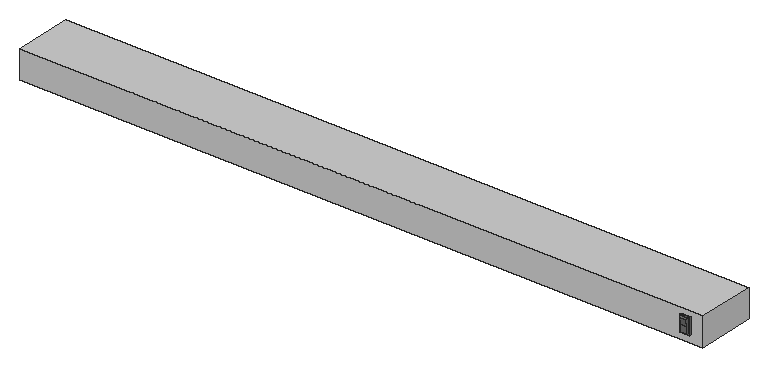
Revit family "QF_INOMAK_XWH16_250610030826", category Specialty Equipment, Revit 2021
Family settings
  Round Connector Dimension = Use Diameter
  Part Type = Normal
  OmniClass Number = 23.40.40.14
  OmniClass Title = Food Service Equipment
  Work Plane-Based = No
  Always vertical = Yes
  Cut with Voids When Loaded = No
  Shared = No
  Room Calculation Point = No
Parameters (values of type "XWH16")
  Weight [instance] = 5.39775 kg
  Warranty Start Date [instance] = ""
  Warranty Duration [instance] = ""
  Volts [instance] = 230 V
  Volt Free Conn [instance] = no
  URL Recommended Spares List [instance] = ""
  URL Manufacturer [instance] = ""
  URL Cutsheet [instance] = ""
  URL Critical Spares List [instance] = ""
  URL = "www.inomak.com"
  Technical Documentation [instance] = ""
  Tag Number [instance] = ""
  Status [instance] = ""
  Start Up Current [instance] = 0 A
  Specification by User [instance] = ""
  Specification by Manufacturer [instance] = ""
  Sound Level [instance] = ""
  Show Logo [instance] = yes
  Show Clearances [instance] = yes
  Service Life Duration [instance] = ""
  Serial Number [instance] = ""
  Seismic Rating [instance] = ""
  SMACNA No [instance] = ""
  Revision Code [instance] = ""
  Revision [instance] = ""
  Production Year [instance] = ""
  Potential Equalisation [instance] = no
  Point Load [instance] = 0
  Phase [instance] = 1
  Other Equipment Approvals [instance] = ""
  Operational Current [instance] = 0 A
  Number of Poles [instance] = 2
  No Load Power Draw [instance] = no
  NAFEM Spec ID Number [instance] = ""
  Model Warning [instance] = ""
  Model = "XWH16"
  Min Ckt Ampacity [instance] = 0 A
  Max Overcurrent Protection [instance] = 10 A
  Masterspec [instance] = ""
  Manufacturer = "INOMAK"
  Main switch integrated [instance] = no
  Length Actual [instance] = 1451.864 mm
  Item Number [instance] = ""
  Installed By [instance] = ""
  Installation Date [instance] = ""
  Identify Quantity as Lot [instance] = no
  ID [instance] = ""
  Hygiene Approval [instance] = ""
  Height Actual [instance] = 59.944 mm
  HP power [instance] = ""
  Furnished By [instance] = ""
  Foodservice Equipment Identifier [instance] = no
  FL Amps [instance] = 2.8 A
  Electrical Remarks [instance] = ""
  Electric power [instance] = 650 W
  Electric Connection Type [instance] = ""
  Elec Conn RI Height [instance] = 0 mm
  Elec Conn Connection Height [instance] = 0 mm
  ETL Approved [instance] = no
  Description = "HEATING ELEMENTS, 5 HALOGEN LAMPS"
  Depth Actual [instance] = 121.92 mm
  Default Elevation = 0 mm
  Cycle [instance] = 50 Hz
  Cost = 0
  Connection to energy optimisation system [instance] = yes
  Conn Plug [instance] = ""
  Conn Conduit [instance] = no
  Centralized building control system with digital interface [instance] = ""
  CSI MasterFormat [instance] = ""
  CE Approved [instance] = no
  Barcode [instance] = 0
  Author [instance] = ""
  Asset Identifier [instance] = ""
  Apparent Power [instance] = 650 VA
  Accessory [instance] = no
Reference planes
  plane 1 "Center (Front/Back)": y = 0
  plane 2: z = 0
  plane 3 "Center (Left/Right)": x = 0
Forms (mm)
  Extrusion 1, solid, not visible
    sketch origin (30.001, 59.003, -30.001) x (1, 0, 0) y (0, 1, 0)
      loop
        line (-2, 2) -> (-2, -2) -> (2, -2) -> (2, 2) -> (-2, 2)
    from -2 to 2
Dimensions and locks
  locked: nested 2 to Extrusion 1
  locked: nested 2 to Extrusion 1 at 2
  aligned and locked: level to plane 2
Nested families
  nested 1: "QF_INOMAK_HEATING_ELEMENT_1452_2920" at (0, 0, 0), type "XWH16"
    with Weight 5.39775 kg, Warranty Start Date "", Warranty Duration "", URL Cutsheet "", Technical Documentation "", Tag Number "", Status "", Specification by User "", Specification by Manufacturer "", Sound Level "", Solid Fuel Type "", Show Logo yes, Show Clearances yes, Service Life Duration "", Serial Number "", Seismic Rating "", SMACNA No "", Revision Code "", Revision "", Production Year "", Point Load 0, Other Equipment Approvals "", NAFEM Spec ID Number "", Model Warning "", Masterspec "", Length Actual 1451.864 mm, Item Number "", Installed By "", Installation Date "", Identify Quantity as Lot yes, ID "", Hygiene Approval "", Height Actual 59.944 mm, Height AFF 0 mm, Furnished By "", Foodservice Equipment Identifier yes, ETL Approved yes, Depth Actual 121.92 mm, CSI MasterFormat "", CE Approved yes, Barcode "", Author "", Asset Identifier "", Accessory no
  nested 2: "CONN_POINT_ELE_2D___Generic_Annotation" at (30.001, 61.003, -30.001), type "CONN_POINT_ELE_2D___Generic_Annotation"
    with Onboard connection annotation symbol visibility yes
Connectors
  electrical at (30.001, 61.003, -30.001), driven by "Apparent Power", driven by "Number of Poles", driven by "Volts"
    settings: on Extrusion 1, index 1, voltage 230 V, apparent load 0 VA, apparent load phase1 650 VA, apparent load phase2 0 VA, apparent load phase3 0 VA, power factor 1, load classification "Other", number of poles 2, system type 31, power factor state 1, is connector primary yes, connector utility no, sub classification motor no, connector description "Electrical connection for XWH16"
Definition of nested family "QF_INOMAK_HEATING_ELEMENT_1452_2920"
  Parameters (values of type "XWH16")
    Weight [instance] = 0.00 kg
    Warranty Start Date [instance] = ""
    Warranty Duration [instance] = ""
    URL Cutsheet [instance] = ""
    URL = "www.inomak.com"
    Technical Documentation [instance] = ""
    Tag Number [instance] = ""
    Status [instance] = ""
    Specification by User [instance] = ""
    Specification by Manufacturer [instance] = ""
    Sound Level [instance] = ""
    Solid Fuel Type [instance] = ""
    Show Logo [instance] = yes
    Show Clearances [instance] = yes
    Service Life Duration [instance] = ""
    Serial Number [instance] = ""
    Seismic Rating [instance] = ""
    SMACNA No [instance] = ""
    Revision Code [instance] = ""
    Revision [instance] = ""
    Production Year [instance] = ""
    Point Load [instance] = 0
    Other Equipment Approvals [instance] = ""
    NAFEM Spec ID Number [instance] = ""
    Model Warning [instance] = ""
    Model = "XWH16"
    Masterspec [instance] = ""
    Manufacturer = "INOMAK"
    Length Actual [instance] = 0 mm
    Item Number [instance] = ""
    Installed By [instance] = ""
    Installation Date [instance] = ""
    Identify Quantity as Lot [instance] = yes
    ID [instance] = ""
    Hygiene Approval [instance] = ""
    Height Actual [instance] = 0 mm
    Height AFF [instance] = 0 mm
    Furnished By [instance] = ""
    Foodservice Equipment Identifier [instance] = yes
    ETL Approved [instance] = yes
    Description = "HEATING ELEMENTS, 5 HALOGEN LAMPS"
    Depth Actual [instance] = 0 mm
    Default Elevation = 0 mm
    CSI MasterFormat [instance] = ""
    CE Approved [instance] = yes
    Barcode [instance] = ""
    Author [instance] = ""
    Asset Identifier [instance] = ""
    Assembly Code = "E1090320"
    Accessory [instance] = yes
  Reference planes
    plane 1 "Back": y = 0
    plane 2: z = 0
    plane 3 "Left": x = 0
    plane 4 "Right": x = 1452
    plane 5 "Front": y = -61
    plane 6 "Bottom": z = 0
    plane 7: y = 61
    plane 8 "Top": z = 60
    plane 9 "Center Left Right": x = 726
  Forms (mm)
    Extrusion 1, solid
      sketch origin (-9.264, 1899.136, 0) x (0, 1, 0) y (-1, 0, 0)
        loop
          line (-1838.136, -9.264) -> (-1960.136, -9.264) -> (-1960.136, -1461.264) -> (-1838.136, -1461.264) -> (-1838.136, -9.264)
        loop
          line (-1863.136, -34.264) -> (-1935.136, -34.264) -> (-1935.136, -1436.264) -> (-1863.136, -1436.264) -> (-1863.136, -34.264)
      from 0 to 35
    Extrusion 2, solid
      sketch origin (0, 61, 60) x (0, 1, 0) y (-1, 0, 0)
        loop
          line (0, 0) -> (-122, 0) -> (-122, -1452) -> (0, -1452) -> (0, 0)
      from 0 to -25
    Extrusion 3, solid
      sketch origin (-9.264, 1899.136, 0) x (0, 1, 0) y (-1, 0, 0)
        loop
          line (-1863.136, -214.264) -> (-1935.136, -214.264) -> (-1935.136, -339.764) -> (-1863.136, -339.764) -> (-1863.136, -214.264)
      from 0 to 35
    Extrusion 4, solid
      sketch origin (-9.264, 1899.136, 0) x (0, 1, 0) y (-1, 0, 0)
        loop
          line (-1863.136, -645.264) -> (-1863.136, -519.764) -> (-1935.136, -519.764) -> (-1935.136, -645.264) -> (-1863.136, -645.264)
      from 0 to 35
    Extrusion 5, solid
      sketch origin (-9.264, 1899.136, 0) x (0, 1, 0) y (-1, 0, 0)
        loop
          line (-1863.136, -34.264) -> (-1935.136, -34.264) -> (-1935.136, -214.264) -> (-1863.136, -214.264) -> (-1863.136, -34.264)
        loop
          line (-1868.136, -39.264) -> (-1930.136, -39.264) -> (-1930.136, -209.264) -> (-1868.136, -209.264) -> (-1868.136, -39.264)
      from -2 to 35
    Extrusion 6, solid
      sketch origin (0, 61, 1000) x (0, 1, 0) y (0, 0, 1)
        loop
          line (-30, -1000) -> (-30, -965) -> (-92, -965) -> (-92, -1000) -> (-87.07, -987.66)
          arc (-87.07, -987.66) -> (-61, -970.002) -> (-34.93, -987.66) r 28.074
          line (-34.93, -987.66) -> (-30, -1000)
      from 30 to 200
    Extrusion 7, solid
      sketch origin (0, 61, 1000) x (0, 1, 0) y (0, 0, 1)
        loop
          circle (-61, -985.002) r 10
      from 30 to 200
    Extrusion 8, solid
      sketch origin (-9.264, 1899.136, 0) x (0, 1, 0) y (-1, 0, 0)
        loop
          line (-1863.136, -339.764) -> (-1935.136, -339.764) -> (-1935.136, -519.764) -> (-1863.136, -519.764) -> (-1863.136, -339.764)
        loop
          line (-1868.136, -344.764) -> (-1930.136, -344.764) -> (-1930.136, -514.764) -> (-1868.136, -514.764) -> (-1868.136, -344.764)
      from -2 to 35
    Extrusion 9, solid
      sketch origin (305.5, 61, 1000) x (0, 1, 0) y (0, 0, 1)
        loop
          line (-30, -1000) -> (-30, -965) -> (-92, -965) -> (-92, -1000) -> (-87.07, -987.66)
          arc (-87.07, -987.66) -> (-61, -970.002) -> (-34.93, -987.66) r 28.074
          line (-34.93, -987.66) -> (-30, -1000)
      from 30 to 200
    Extrusion 10, solid
      sketch origin (305.5, 61, 1000) x (0, 1, 0) y (0, 0, 1)
        loop
          circle (-61, -985.002) r 10
      from 30 to 200
    Extrusion 11, solid
      sketch origin (-9.264, 1899.136, 0) x (0, 1, 0) y (-1, 0, 0)
        loop
          line (-1863.136, -645.264) -> (-1935.136, -645.264) -> (-1935.136, -825.264) -> (-1863.136, -825.264) -> (-1863.136, -645.264)
        loop
          line (-1868.136, -650.264) -> (-1930.136, -650.264) -> (-1930.136, -820.264) -> (-1868.136, -820.264) -> (-1868.136, -650.264)
      from -2 to 35
    Extrusion 12, solid
      sketch origin (611, 61, 1000) x (0, 1, 0) y (0, 0, 1)
        loop
          line (-30, -1000) -> (-30, -965) -> (-92, -965) -> (-92, -1000) -> (-87.07, -987.66)
          arc (-87.07, -987.66) -> (-61, -970.002) -> (-34.93, -987.66) r 28.074
          line (-34.93, -987.66) -> (-30, -1000)
      from 30 to 200
    Extrusion 13, solid
      sketch origin (611, 61, 1000) x (0, 1, 0) y (0, 0, 1)
        loop
          circle (-61, -985.002) r 10
      from 30 to 200
    Extrusion 14, solid
      sketch origin (477, -64, 1000) x (-1, 0, 0) y (0, 0, 1)
        loop
          line (-950, -985) -> (-930, -985) -> (-930, -950) -> (-950, -950) -> (-950, -985)
      from 0 to 3
    Extrusion 15, solid
      sketch origin (505, 61, 1000) x (0, 1, 0) y (0, 0, 1)
        loop
          line (-125, -982) -> (-125, -953)
          arc (-125, -953) -> (-127.961, -953.188) -> (-130.754, -954.19) r 10.576
          line (-130.754, -954.19) -> (-128, -967.5) -> (-128, -982) -> (-125, -982)
      from 905 to 919
    Extrusion 16, solid
      sketch origin (-9.264, 1899.136, 0) x (0, 1, 0) y (-1, 0, 0)
        loop
          line (-1863.136, -1256.264) -> (-1935.136, -1256.264) -> (-1935.136, -1436.264) -> (-1863.136, -1436.264) -> (-1863.136, -1256.264)
        loop
          line (-1868.136, -1261.264) -> (-1930.136, -1261.264) -> (-1930.136, -1431.264) -> (-1868.136, -1431.264) -> (-1868.136, -1261.264)
      from -2 to 35
    Extrusion 17, solid
      sketch origin (1222, 61, 1000) x (0, 1, 0) y (0, 0, 1)
        loop
          line (-30, -1000) -> (-30, -965) -> (-92, -965) -> (-92, -1000) -> (-87.07, -987.66)
          arc (-87.07, -987.66) -> (-61, -970.002) -> (-34.93, -987.66) r 28.074
          line (-34.93, -987.66) -> (-30, -1000)
      from 30 to 200
    Extrusion 18, solid
      sketch origin (1222, 61, 1000) x (0, 1, 0) y (0, 0, 1)
        loop
          circle (-61, -985.002) r 10
      from 30 to 200
    Extrusion 19, solid
      sketch origin (-9.264, 1899.136, 0) x (0, 1, 0) y (-1, 0, 0)
        loop
          line (-1863.136, -825.264) -> (-1935.136, -825.264) -> (-1935.136, -950.764) -> (-1863.136, -950.764) -> (-1863.136, -825.264)
      from 0 to 35
    Extrusion 20, solid
      sketch origin (-9.264, 1899.136, 0) x (0, 1, 0) y (-1, 0, 0)
        loop
          line (-1863.136, -1130.764) -> (-1863.136, -950.764) -> (-1935.136, -950.764) -> (-1935.136, -1130.764) -> (-1863.136, -1130.764)
        loop
          line (-1868.136, -1125.764) -> (-1868.136, -955.764) -> (-1930.136, -955.764) -> (-1930.136, -1125.764) -> (-1868.136, -1125.764)
      from -2 to 35
    Extrusion 21, solid
      sketch origin (1146.5, 61, 1000) x (0, 1, 0) y (0, 0, -1)
        loop
          line (-30, 1000) -> (-34.93, 987.66)
          arc (-34.93, 987.66) -> (-61, 970.002) -> (-87.07, 987.66) r 28.074
          line (-87.07, 987.66) -> (-92, 1000) -> (-92, 965) -> (-30, 965) -> (-30, 1000)
      from 30 to 200
    Extrusion 22, solid
      sketch origin (1146.5, 61, 1000) x (0, 1, 0) y (0, 0, -1)
        loop
          circle (-61, 985.002) r 10
      from 30 to 200
    Extrusion 23, solid
      sketch origin (-9.264, 1899.136, 0) x (0, 1, 0) y (-1, 0, 0)
        loop
          line (-1863.136, -1130.764) -> (-1935.136, -1130.764) -> (-1935.136, -1256.264) -> (-1863.136, -1256.264) -> (-1863.136, -1130.764)
      from 0 to 35
  Cuts and joins
    joined: Extrusion 1, Extrusion 2, Extrusion 3, Extrusion 4, Extrusion 19, Extrusion 23
  Lines and regions (mm)
    symbolic lines
      curve 1: line (0, 61, 0) -> (1452, 61, 0)
      curve 2: line (0, -61, 0) -> (0, 61, 0)
      curve 3: line (1452, -61, 0) -> (0, -61, 0)
      curve 4: line (1452, 61, 0) -> (1452, -61, 0)
      curve 5: circle (0, 0, 0) r 0.2 normal (0, 0, 1)
      curve 6: circle (1452, 0, 0) r 0.2 normal (0, 0, 1)
    reference lines
      curve 7: line (726, 61, 0) -> (726, -61, 0)
  Dimensions and locks
    plane 3 "Left" to plane 4 "Right" = 1452 mm
    plane 5 "Front" to plane 7 = 122 mm
    locked: plane 8 "Top" to plane 6 "Bottom" at 60
    "Height AFF": plane 6 "Bottom" to plane 2
    equal spacing: plane 3 "Left", plane 9 "Center Left Right", plane 4 "Right"
    "Height AFF": curve 7 to plane 2
    aligned and locked: level to plane 2
    aligned and locked: plane 3 "Left" to curve 5
    aligned and locked: plane 1 "Back" to curve 5
    aligned and locked: plane 4 "Right" to curve 6
  Automatic sketch dimensions
    Extrusion 6 sketch curve to plane 6 "Bottom" = 0 mm  (x2)
    Extrusion 6 sketch curve to plane 1 "Back" = 0 mm
    plane 6 "Bottom" to Extrusion 6 sketch curve = 12.34 mm  (x2)
    plane 1 "Back" to Extrusion 6 sketch curve = 26.07 mm
    Extrusion 6 sketch curve to Extrusion 6 sketch curve = 4.93 mm  (x2)
    plane 6 "Bottom" to Extrusion 6 sketch curve = 1.925 mm
    Extrusion 6 sketch curve to Extrusion 6 sketch curve = 22.66 mm
    Extrusion 7 sketch curve to plane 1 "Back" = 0 mm
    plane 6 "Bottom" to Extrusion 7 sketch curve = 14.998 mm
    Extrusion 9 sketch curve to plane 6 "Bottom" = 0 mm  (x2)
    Extrusion 9 sketch curve to plane 1 "Back" = 0 mm
    plane 6 "Bottom" to Extrusion 9 sketch curve = 12.34 mm  (x2)
    plane 1 "Back" to Extrusion 9 sketch curve = 26.07 mm
    Extrusion 9 sketch curve to Extrusion 9 sketch curve = 4.93 mm  (x2)
    plane 6 "Bottom" to Extrusion 9 sketch curve = 1.925 mm
    Extrusion 9 sketch curve to Extrusion 9 sketch curve = 22.66 mm
    Extrusion 10 sketch curve to plane 1 "Back" = 0 mm
    plane 6 "Bottom" to Extrusion 10 sketch curve = 14.998 mm
    Extrusion 12 sketch curve to plane 6 "Bottom" = 0 mm  (x2)
    Extrusion 12 sketch curve to plane 1 "Back" = 0 mm
    plane 6 "Bottom" to Extrusion 12 sketch curve = 12.34 mm  (x2)
    plane 1 "Back" to Extrusion 12 sketch curve = 26.07 mm
    Extrusion 12 sketch curve to Extrusion 12 sketch curve = 4.93 mm  (x2)
    plane 6 "Bottom" to Extrusion 12 sketch curve = 1.925 mm
    Extrusion 12 sketch curve to Extrusion 12 sketch curve = 22.66 mm
    Extrusion 13 sketch curve to plane 1 "Back" = 0 mm
    plane 6 "Bottom" to Extrusion 13 sketch curve = 14.998 mm
    Extrusion 14 sketch curve to plane 8 "Top" = 10 mm
    plane 4 "Right" to Extrusion 14 sketch curve = 25 mm
    Extrusion 14 sketch curve to Extrusion 14 sketch curve = 20 mm
    plane 6 "Bottom" to Extrusion 14 sketch curve = 15 mm
    Extrusion 15 sketch curve to plane 5 "Front" = 8.754 mm
    Extrusion 15 sketch curve to plane 5 "Front" = 6 mm
    Extrusion 15 sketch curve to plane 5 "Front" = 3.818 mm
    Extrusion 15 sketch curve to plane 5 "Front" = 3 mm
    plane 6 "Bottom" to Extrusion 15 sketch curve = 18 mm
    Extrusion 15 sketch curve to Extrusion 15 sketch curve = 14.5 mm
    Extrusion 15 sketch curve to Extrusion 15 sketch curve = 3.955 mm
    Extrusion 15 sketch curve to Extrusion 15 sketch curve = 9.354 mm
    Extrusion 17 sketch curve to plane 6 "Bottom" = 0 mm  (x2)
    Extrusion 17 sketch curve to plane 1 "Back" = 0 mm
    plane 6 "Bottom" to Extrusion 17 sketch curve = 12.34 mm  (x2)
    plane 1 "Back" to Extrusion 17 sketch curve = 26.07 mm
    Extrusion 17 sketch curve to Extrusion 17 sketch curve = 4.93 mm  (x2)
    plane 6 "Bottom" to Extrusion 17 sketch curve = 1.925 mm
    Extrusion 17 sketch curve to Extrusion 17 sketch curve = 22.66 mm
    Extrusion 18 sketch curve to plane 1 "Back" = 0 mm
    plane 6 "Bottom" to Extrusion 18 sketch curve = 14.998 mm
    Extrusion 21 sketch curve to plane 6 "Bottom" = 0 mm  (x2)
    Extrusion 21 sketch curve to plane 1 "Back" = 0 mm
    plane 6 "Bottom" to Extrusion 21 sketch curve = 12.34 mm  (x2)
    plane 1 "Back" to Extrusion 21 sketch curve = 26.07 mm
    Extrusion 21 sketch curve to Extrusion 21 sketch curve = 4.93 mm  (x2)
    Extrusion 21 sketch curve to Extrusion 21 sketch curve = 22.66 mm
    plane 6 "Bottom" to Extrusion 21 sketch curve = 1.925 mm
    Extrusion 22 sketch curve to plane 1 "Back" = 0 mm
    plane 6 "Bottom" to Extrusion 22 sketch curve = 14.998 mm
    Extrusion 2 sketch curve to plane 3 "Left" = 0 mm
    Extrusion 2 sketch curve to plane 5 "Front" = 0 mm
    Extrusion 2 sketch curve to plane 7 = 0 mm
    Extrusion 2 sketch curve to plane 4 "Right" = 0 mm
    curve 1 to plane 3 "Left" = 0 mm
    curve 4 to plane 4 "Right" = 0 mm
    plane 1 "Back" to curve 6 = 0 mm
    curve 3 to plane 5 "Front" = 0 mm
    curve 2 to plane 7 = 0 mm
    plane 5 "Front" to Extrusion 5 sketch curve = 25 mm
    Extrusion 5 sketch curve to Extrusion 5 sketch curve = 5 mm  (x4)
    Extrusion 5 sketch curve to plane 7 = 30 mm
    plane 3 "Left" to Extrusion 5 sketch curve = 205 mm
    plane 3 "Left" to Extrusion 5 sketch curve = 30 mm
    plane 5 "Front" to Extrusion 8 sketch curve = 25 mm
    Extrusion 8 sketch curve to Extrusion 8 sketch curve = 5 mm  (x4)
    Extrusion 8 sketch curve to plane 7 = 30 mm
    plane 3 "Left" to Extrusion 8 sketch curve = 510.5 mm
    Extrusion 8 sketch curve to Extrusion 8 sketch curve = 170 mm
    plane 5 "Front" to Extrusion 11 sketch curve = 25 mm
    Extrusion 11 sketch curve to Extrusion 11 sketch curve = 5 mm  (x4)
    Extrusion 11 sketch curve to plane 7 = 30 mm
    plane 4 "Right" to Extrusion 11 sketch curve = 636 mm
    Extrusion 11 sketch curve to Extrusion 11 sketch curve = 170 mm
    plane 5 "Front" to Extrusion 16 sketch curve = 25 mm
    Extrusion 16 sketch curve to Extrusion 16 sketch curve = 5 mm  (x4)
    Extrusion 16 sketch curve to plane 7 = 30 mm
    plane 4 "Right" to Extrusion 16 sketch curve = 25 mm
    Extrusion 16 sketch curve to Extrusion 16 sketch curve = 170 mm
    plane 5 "Front" to Extrusion 20 sketch curve = 25 mm
    Extrusion 20 sketch curve to Extrusion 20 sketch curve = 5 mm  (x4)
    Extrusion 20 sketch curve to plane 7 = 30 mm
    plane 4 "Right" to Extrusion 20 sketch curve = 330.5 mm
    Extrusion 20 sketch curve to Extrusion 20 sketch curve = 170 mm
    Extrusion 1 sketch curve to plane 4 "Right" = 0 mm
    Extrusion 1 sketch curve to plane 5 "Front" = 0 mm
    Extrusion 1 sketch curve to plane 3 "Left" = 0 mm
    Extrusion 1 sketch curve to plane 7 = 0 mm
    plane 5 "Front" to Extrusion 1 sketch curve = 25 mm
    Extrusion 1 sketch curve to plane 7 = 25 mm
    plane 4 "Right" to Extrusion 1 sketch curve = 25 mm
    plane 3 "Left" to Extrusion 1 sketch curve = 25 mm
    plane 5 "Front" to Extrusion 3 sketch curve = 25 mm
    Extrusion 3 sketch curve to plane 7 = 25 mm
    plane 3 "Left" to Extrusion 3 sketch curve = 330.5 mm
    Extrusion 3 sketch curve to Extrusion 3 sketch curve = 125.5 mm
    plane 5 "Front" to Extrusion 4 sketch curve = 25 mm
    Extrusion 4 sketch curve to plane 7 = 25 mm
    plane 3 "Left" to Extrusion 4 sketch curve = 636 mm
    Extrusion 4 sketch curve to Extrusion 4 sketch curve = 125.5 mm
    plane 5 "Front" to Extrusion 19 sketch curve = 25 mm
    Extrusion 19 sketch curve to plane 7 = 25 mm
    plane 4 "Right" to Extrusion 19 sketch curve = 510.5 mm
    Extrusion 19 sketch curve to Extrusion 19 sketch curve = 125.5 mm
    plane 5 "Front" to Extrusion 23 sketch curve = 25 mm
    Extrusion 23 sketch curve to plane 7 = 25 mm
    plane 4 "Right" to Extrusion 23 sketch curve = 205 mm
    Extrusion 23 sketch curve to Extrusion 23 sketch curve = 125.5 mm
    curve 7 to plane 7 = 0 mm
    curve 7 to plane 5 "Front" = 0 mm
    radius of Extrusion 7 sketch curve = 10 mm
    radius of Extrusion 10 sketch curve = 10 mm
    radius of Extrusion 13 sketch curve = 10 mm
    radius of Extrusion 18 sketch curve = 10 mm
    radius of Extrusion 22 sketch curve = 10 mm
    radius of curve 5 = 0.2 mm
    radius of curve 6 = 0.2 mm
Definition of nested family "CONN_POINT_ELE_2D___Generic_Annotation"
  Parameters (values of type "CONN_POINT_ELE_2D___Generic_Annotation")
    Onboard connection annotation symbol visibility [instance] = yes
  Reference planes
    plane 1: y = 0
    plane 2: x = 0
  Lines and regions (mm)
    detail lines, visible <- "Onboard connection annotation symbol visibility"
      curve 1: circle (0, 0, 0) r 0.5 normal (0, 0, 1)
      curve 2: line (-1, 0, 0) -> (1, 0, 0)
      curve 3: line (0, 1, 0) -> (0, -1, 0)
      curve 4: line (2.5, 1, 0) -> (1.25, 1, 0)
      curve 5: line (1.25, 1, 0) -> (1.25, -1, 0)
      curve 6: line (1.25, -1, 0) -> (2.5, -1, 0)
      curve 7: line (1.25, 0, 0) -> (2, 0, 0)
